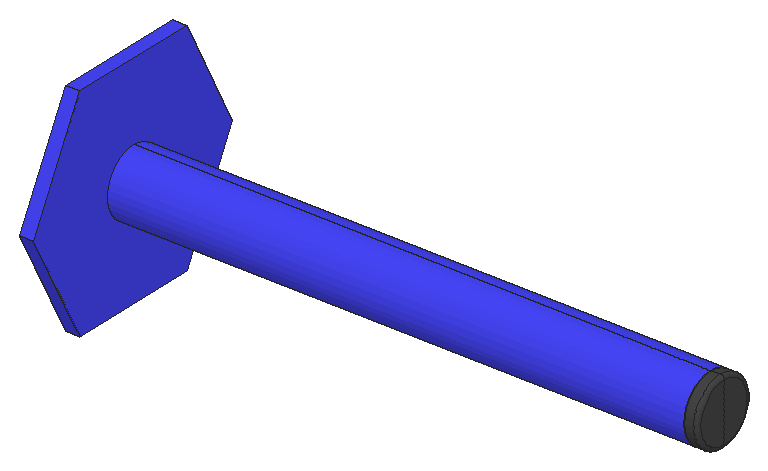
Revit family "Glidehylse_LD_20_Part_P_p_i_t_4031216", category Generic Models, Revit 2019
Family settings
  Can host rebar = No
  Round Connector Dimension = Use Diameter
  Part Type = Normal
  Work Plane-Based = Yes
  Always vertical = No
  Cut with Voids When Loaded = No
  Shared = No
  Room Calculation Point = No
Parameters (values of type "LD20_Part_P")
  Website Link = "https://haucon.dk/produkt/dorn-ld/#variations"
  Total Length = 220 mm
  Technical Data Sheet = "https://haucon.dk/wp-content/uploads/2018/02/TA-Dorn-LD-TI-DK.pdf"
  Sleeve Inner Diameter = 21 mm
  Plastic Black = Plastic Black
  Plastic = Plastic Blue
  Hexagon Height = 5 mm
  Hexagon Diameter = 80 mm
  Elevation Height = 100 mm
  Default Elevation = 1219.2 mm
  Cap Height = 5 mm
Types (3, lengths in mm): name | Total Length | Sleeve Inner Diameter | Plastic
  (no name) | 220 | 21 | Plastic Blue
  LD16_Part_P | 195 | 17 | PVC, Flexible
  LD20_Part_P | 220 | 21 | Plastic Blue
Reference planes
  plane 1 "Center (Front/Back)": y = 0
  plane 2: z = 0
  plane 3 "Center (Left/Right)": x = 0
  plane 4: x = 5
  plane 5: x = 215
  plane 6: x = 220
  plane 7: z = 100
  plane 8: z = 89.5
  plane 9: z = 110.5
  plane 10: through (0, 23.094, 142.714) normal (0, -0.8797, 0.4756)
  plane 11: through (0, -23.094, 142.714) normal (0, -0.8797, -0.4756)
Forms (mm)
  Revolve 1, solid, material "Plastic Blue" <- "Plastic"
    sketch origin (0, 0, 92.286) x (0, 0, -1) y (1, 0, 0)
      loop
        line (-19.714, 5) -> (-18.214, 5) -> (-18.214, 215) -> (-19.714, 215) -> (-19.714, 5)
      axis (-7.714, 215) -> (-7.714, 5)
    angle from 0 to 360
  Revolve 2, solid, material "Plastic Black" <- "Plastic Black"
    sketch origin (0, 0, 89.786) x (0, 0, -1) y (1, 0, 0)
      loop
        line (-22.214, 215) -> (-20.714, 215) -> (-20.714, 218.5) -> (-10.214, 218.5) -> (-10.214, 220) -> (-20.753, 220)
        arc (-20.753, 220) -> (-21.786, 219.572) -> (-22.214, 218.539) r 1.461
        line (-22.214, 218.539) -> (-22.214, 215)
      axis (-10.214, 220) -> (-10.214, 215)
    angle from 0 to 360
  Extrusion 3, solid, material "Plastic Blue" <- "Plastic"
    sketch origin (0, 0, -50) x (0, 1, 0) y (0, 0, 1)
      loop
        line (44.91, 150) -> (24.313, 190) -> (-24.476, 190) -> (-45.073, 150) -> (-24.476, 110) -> (24.313, 110) -> (44.91, 150)
    from 0 to 5
Dimensions and locks
  equal spacing: plane 9, plane 7, plane 8
  "Sleeve Inner Diameter": plane 9 to plane 8
  "Cap Height": plane 6 to plane 5
  "Hexagon Height": plane 4 to plane 3 "Center (Left/Right)"
  "Elevation Height": plane 7 to level
  "Total Length": plane 6 to plane 3 "Center (Left/Right)"
  locked: Extrusion 3 sketch curve to Extrusion 3 sketch curve at 80  (x3)
  aligned and locked: level to plane 2
  aligned and locked: Revolve 1 to plane 4
  aligned and locked: plane 9 to Revolve 1 sketch curve
  aligned and locked: plane 7 to Revolve 1 sketch curve
  aligned and locked: Revolve 2 sketch curve to plane 9
  aligned and locked: plane 7 to Revolve 2 sketch curve  (x2)
  aligned and locked: plane 5 to Revolve 2 sketch curve
  aligned and locked: Revolve 2 sketch curve to plane 6
  aligned and locked: Revolve 1 sketch curve to plane 5
  aligned and locked: Extrusion 3 to plane 7
Automatic sketch dimensions
  Revolve 2 sketch curve to Revolve 2 sketch curve = 0.711 mm
  Revolve 2 sketch curve to Revolve 2 sketch curve = 0.039 mm  (x2)
  Revolve 2 sketch curve to Revolve 2 sketch curve = 1.739 mm
  Revolve 2 sketch curve to Revolve 2 sketch curve = 1.461 mm
  Revolve 1 sketch curve to plane 4 = 0 mm
  Revolve 1 sketch curve to Revolve 1 sketch curve = 1.5 mm
  Revolve 1 sketch curve to plane 5 = 15.148 mm
  Revolve 1 sketch curve to plane 5 = 0.148 mm
  plane 1 "Center (Front/Back)" to Extrusion 3 sketch curve = 24.476 mm  (x2)
  plane 7 to Extrusion 3 sketch curve = 0 mm
  Extrusion 3 sketch curve to plane 7 = 0 mm
  Extrusion 3 sketch curve to Extrusion 3 sketch curve = 20.597 mm
